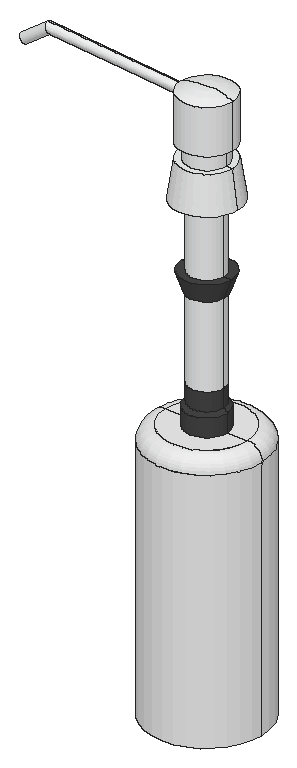
Revit family "706660001_Dispensador de Jabón de Mesón", category Generic Models, host Face, Revit 2019
Family settings
  Host = Face
  Can host rebar = No
  Round Connector Dimension = Use Diameter
  Part Type = Normal
  OmniClass Number = 23.40.20.21
  OmniClass Title = Toilet and Bath Specialties
  Cut with Voids When Loaded = No
  Shared = No
  Room Calculation Point = No
Parameters
  URL = "https://corona.co/productos/accesorios/dispensador-de-jabon-de-meson/p/706660001"
  Referencia = "706660001"  # constant formula
  Profundidad = 195 mm
  Peso Neto aprox = "500 gr. - 1 lbs."  # constant formula
  Peso Bruto aprox = "600 gr. - 1,2 lbs."  # constant formula
  Garantía = "1 año"  # constant formula
  Fecha de creación = "30/07/2020"  # constant formula
  Fabricante = "Corona"  # constant formula
  Dimensiones generales producto (H * W * D) = "456,5 x 195 x 90 mm.\r\n18 x 7,7 x 3,5 pulg."  # constant formula
  Default Elevation = 1219.2 mm
  Creado por = "IDD"  # constant formula
  Capacidad de carga = "Jabón líquido 1 lt. - 0,26 gl."  # constant formula
  Ancho = 90 mm
  Alto = 457 mm
Reference planes
  plane 1 "Center (Front/Back)": y = 0
  plane 2: z = 0
  plane 3 "Center (Left/Right)": x = 0
  plane 4: z = 457
  plane 5: x = -150
  plane 6: x = 45
  plane 7: y = 45
  plane 8: y = -45
Forms (mm)
  Extrusion 1, solid, material "Cubo", detail levels coarse
    sketch origin (0, 0, 0) x (1, 0, 0) y (0, 1, 0)
      loop
        line (-150, 45) -> (-150, -45) -> (45, -45) -> (45, 45) -> (-150, 45)
    from 0 to 457
Dimensions and locks
  "Alto": plane 4 to host face
  "Ancho": plane 7 to plane 8
  "Profundidad": plane 5 to plane 6
  aligned and locked: plane 2 to host face
  aligned and locked: level to host face
Automatic sketch dimensions
  host sketch curve to host sketch curve = 2438.4 mm  (x2)
  Extrusion 1 sketch curve to plane 5 = 0 mm
  Extrusion 1 sketch curve to plane 6 = 0 mm
  Extrusion 1 sketch curve to plane 8 = 0 mm
  Extrusion 1 sketch curve to plane 7 = 0 mm
Nested families
  nested 1: "706660001_Dispensador de Jabón de Mesón" at (0, 0, 0), type "706660001_Dispensador de Jabón de Mesón", detail levels medium+fine
  nested 2: "Family8" at (0, 0, 0) x (1, 0, 0) z (0, -1, 0), type "Family8", detail levels coarse
Definition of nested family "706660001_Dispensador de Jabón de Mesón"
  Parameters (values of type "706660001_Dispensador de Jabón de Mesón")
    Acabado = none
  Reference planes
    plane 1 "Center (Front/Back)": y = 0
    plane 2: z = 0
    plane 3 "Center (Left/Right)": x = 0
    plane 4: x = -45
    plane 5: x = 45
    plane 6: z = 210
    plane 7: z = 375
    plane 8: z = 456.5
    plane 9: x = -150
  Forms (mm)
    Revolve 1, solid
      sketch origin (0, 0, 0) x (1, 0, 0) y (0, 0, 1)
        loop
          line (0, 210) -> (-33.305, 210)
          arc (-33.305, 210) -> (-41.575, 206.575) -> (-45, 198.305) r 11.695
          line (-45, 198.305) -> (-45, 0) -> (0, 0) -> (0, 210)
        axis (0, 0) -> (0, 210)
      angle from 0 to 360
    Revolve 2, solid
      sketch origin (0, 0, 0) x (1, 0, 0) y (0, 0, 1)
        loop
          line (0, 210) -> (0, 241.336) -> (-13.659, 241.336) -> (-13.659, 227.058) -> (-16.691, 224.026) -> (-16.691, 210) -> (0, 210)
        loop
          line (0, 307.602) -> (0, 322.528) -> (-20.139, 322.528) -> (-15, 307.602) -> (0, 307.602)
        axis (0, 210) -> (0, 322.528)
      angle from 0 to 360
    Revolve 3, solid
      sketch origin (0, 0, 0) x (1, 0, 0) y (0, 0, 1)
        loop
          line (0, 241.336) -> (0, 307.602) -> (-13.659, 307.602) -> (-13.659, 241.336) -> (0, 241.336)
        loop
          line (0, 322.528) -> (0, 456.5)
          arc (0, 456.5) -> (-10.759, 455.537) -> (-21.018, 452.159) r 47.306
          line (-21.018, 452.159) -> (-21.018, 416.395) -> (-16.018, 416.395) -> (-16.018, 403.568) -> (-21.018, 403.568) -> (-25.543, 375) -> (-13.659, 375) -> (-13.659, 322.528) -> (0, 322.528)
        axis (0, 456.5) -> (0, 241.336)
      angle from 0 to 360
    Sweep 4, solid
      path origin (1.875, 0, -1.25) x (1, 0, 0) y (0, 0, 1)
        loop
          line (-4.548, 446.696) -> (-129.243, 455.415) -> (-149.469, 440.721)
      profile origin (-65.021, 0, 449.805) x (-0.069756, 0, -0.997564) y (0, -1, 0)
        loop
          circle (0, 0) r 4
  Dimensions and locks
    equal spacing: plane 4, plane 3 "Center (Left/Right)", plane 5
    plane 4 to plane 5 = 90 mm
    plane 6 to level = 210 mm
    plane 7 to plane 6 = 165 mm
    plane 8 to plane 7 = 81.5 mm
    plane 8 to level = 456.5 mm
    aligned and locked: level to plane 2
  Automatic sketch dimensions
    Revolve 1 sketch curve to level = 0 mm  (x2)
    plane 4 to Revolve 1 sketch curve = 0 mm
    Revolve 1 sketch curve to plane 6 = 0 mm
    Revolve 1 sketch curve to plane 3 "Center (Left/Right)" = 0 mm  (x2)
    Revolve 1 sketch curve to plane 4 = 11.695 mm
    plane 8 to Revolve 1 sketch curve = 43.5 mm
    Revolve 2 sketch curve to plane 6 = 0 mm
    Revolve 2 sketch curve to plane 3 "Center (Left/Right)" = 0 mm  (x3)
    Revolve 2 sketch curve to plane 3 "Center (Left/Right)" = 13.659 mm
    Revolve 2 sketch curve to Revolve 2 sketch curve = 15 mm
    Revolve 2 sketch curve to Revolve 2 sketch curve = 3.032 mm  (x2)
    Revolve 2 sketch curve to Revolve 2 sketch curve = 5.139 mm
    Revolve 2 sketch curve to Revolve 2 sketch curve = 14.026 mm
    Revolve 2 sketch curve to Revolve 2 sketch curve = 14.278 mm
    Revolve 2 sketch curve to Revolve 2 sketch curve = 66.266 mm
    Revolve 2 sketch curve to Revolve 2 sketch curve = 14.926 mm
    Revolve 2 sketch curve to plane 6 = 15 mm
    Revolve 2 sketch curve to plane 8 = 11.5 mm
    plane 1 "Center (Front/Back)" to Sweep 4 sketch curve = 0 mm
    Sweep 4 sketch curve to profile plane = 0 mm
    Sweep 4 sketch curve to plane 8 = 2.335 mm
    plane 4 to Sweep 4 sketch curve = 82.368 mm
    Sweep 4 sketch curve to plane 8 = 17.029 mm
    Sweep 4 sketch curve to Sweep 4 sketch curve = 20.225 mm
    Sweep 4 sketch curve to plane 3 "Center (Left/Right)" = 2.673 mm
    Sweep 4 sketch curve to plane 8 = 11.054 mm
    Revolve 3 sketch curve to plane 7 = 0 mm
    Revolve 3 sketch curve to plane 3 "Center (Left/Right)" = 0 mm  (x3)
    Revolve 3 sketch curve to plane 8 = 0 mm
    Revolve 3 sketch curve to plane 3 "Center (Left/Right)" = 1.19 mm
    Revolve 3 sketch curve to Revolve 3 sketch curve = 13.659 mm
    Revolve 3 sketch curve to plane 3 "Center (Left/Right)" = 13.659 mm
    Revolve 3 sketch curve to Revolve 3 sketch curve = 14.828 mm
    Revolve 3 sketch curve to Revolve 3 sketch curve = 5 mm  (x2)
    Revolve 3 sketch curve to Revolve 3 sketch curve = 11.884 mm
    Revolve 3 sketch curve to plane 7 = 52.472 mm
    Revolve 3 sketch curve to Revolve 3 sketch curve = 14.926 mm
    plane 6 to Revolve 3 sketch curve = 31.336 mm
    plane 7 to Revolve 3 sketch curve = 28.568 mm
    Revolve 3 sketch curve to Revolve 3 sketch curve = 5.641 mm
    Revolve 3 sketch curve to Revolve 3 sketch curve = 12.827 mm
    Revolve 3 sketch curve to plane 6 = 33.5 mm
    plane 8 to Revolve 3 sketch curve = 15 mm
    radius of Sweep 4 sketch curve = 4 mm
Definition of nested family "Family8"
  Reference planes
    plane 1 "Center (Front/Back)": y = 0
    plane 2: z = 0
    plane 3 "Center (Left/Right)": x = 0
    plane 4: x = -150
    plane 5: x = 45
    plane 6: y = 457
  Lines and regions (mm)
    detail lines, in view "Ref. Level"
      curve 1: line (45, 0, 0) -> (-45, 0, 0)
      curve 2: line (45, 198.76, 0) -> (45, 0, 0)
      curve 3: line (-33.377, 210, 0) -> (33.76, 210, 0)
      curve 4: line (-45, 0, 0) -> (-45, 198.377, 0)
      curve 5: line (-16.163, 210, 0) -> (-16.163, 224.266, 0)
      curve 6: line (-16.163, 224.266, 0) -> (-12.628, 227.802, 0)
      curve 7: line (-12.628, 227.802, 0) -> (-12.628, 241.417, 0)
      curve 8: line (-12.628, 241.417, 0) -> (0, 241.417, 0)
      curve 9: line (0, 241.417, 0) -> (-12.628, 241.417, 0)
      curve 10: line (-12.628, 241.417, 0) -> (-12.628, 306.417, 0)
      curve 11: line (-12.628, 306.417, 0) -> (0, 306.417, 0)
      curve 12: line (0, 306.417, 0) -> (-15.42, 306.417, 0)
      curve 13: line (-15.42, 306.417, 0) -> (-19.234, 322.94, 0)
      curve 14: line (-19.234, 322.94, 0) -> (0, 322.94, 0)
      curve 15: line (-12.628, 322.94, 0) -> (-12.628, 372.94, 0)
      curve 16: line (-12.628, 372.94, 0) -> (0, 372.94, 0)
      curve 17: line (-12.628, 372.94, 0) -> (-25.278, 372.94, 0)
      curve 18: line (-25.278, 372.94, 0) -> (-19.313, 403.629, 0)
      curve 19: line (-19.313, 403.629, 0) -> (0, 403.629, 0)
      curve 20: line (-15.3, 403.629, 0) -> (-15.3, 416.269, 0)
      curve 21: line (-15.3, 416.269, 0) -> (0, 416.269, 0)
      curve 22: line (0, 416.269, 0) -> (-15.3, 416.269, 0)
      curve 23: line (-15.3, 416.269, 0) -> (-20.3, 416.269, 0)
      curve 24: line (-20.3, 416.269, 0) -> (-20.3, 451.269, 0)
      curve 25: arc (-20.3, 451.269, 0) -> (-10.581, 455.661, 0) -> (0, 457, 0) r 35.853
      curve 26: line (-20.3, 451.269, 0) -> (-128.547, 458.081, 0)
      curve 27: line (-128.547, 458.081, 0) -> (-149.273, 444.101, 0)
      curve 28: line (-149.273, 444.101, 0) -> (-145.075, 437.878, 0)
      curve 29: line (-145.075, 437.878, 0) -> (-127.046, 450.039, 0)
      curve 30: line (-127.046, 450.039, 0) -> (-20.3, 443.321, 0)
      curve 31: line (16.163, 210, 0) -> (16.163, 224.266, 0)
      curve 32: line (16.163, 224.266, 0) -> (12.628, 227.802, 0)
      curve 33: line (12.628, 227.802, 0) -> (12.628, 241.417, 0)
      curve 34: line (12.628, 241.417, 0) -> (0, 241.417, 0)
      curve 35: line (0, 241.417, 0) -> (12.628, 241.417, 0)
      curve 36: line (12.628, 241.417, 0) -> (12.628, 306.417, 0)
      curve 37: line (12.628, 306.417, 0) -> (0, 306.417, 0)
      curve 38: line (0, 306.417, 0) -> (15.42, 306.417, 0)
      curve 39: line (15.42, 306.417, 0) -> (19.234, 322.94, 0)
      curve 40: line (19.234, 322.94, 0) -> (0, 322.94, 0)
      curve 41: line (12.628, 322.94, 0) -> (12.628, 372.94, 0)
      curve 42: line (12.628, 372.94, 0) -> (0, 372.94, 0)
      curve 43: line (12.628, 372.94, 0) -> (25.278, 372.94, 0)
      curve 44: line (25.278, 372.94, 0) -> (19.313, 403.629, 0)
      curve 45: line (19.313, 403.629, 0) -> (0, 403.629, 0)
      curve 46: line (15.3, 403.629, 0) -> (15.3, 416.269, 0)
      curve 47: line (15.3, 416.269, 0) -> (0, 416.269, 0)
      curve 48: line (0, 416.269, 0) -> (15.3, 416.269, 0)
      curve 49: line (15.3, 416.269, 0) -> (20.3, 416.269, 0)
      curve 50: line (20.3, 416.269, 0) -> (20.3, 451.269, 0)
      curve 51: arc (20.3, 451.269, 0) -> (10.581, 455.661, 0) -> (0, 457, 0) r 35.853
      curve 52: arc (-45, 198.377, 0) -> (-41.596, 206.596, 0) -> (-33.377, 210, 0) r 11.623
      curve 53: arc (33.76, 210, 0) -> (41.708, 206.708, 0) -> (45, 198.76, 0) r 11.24
